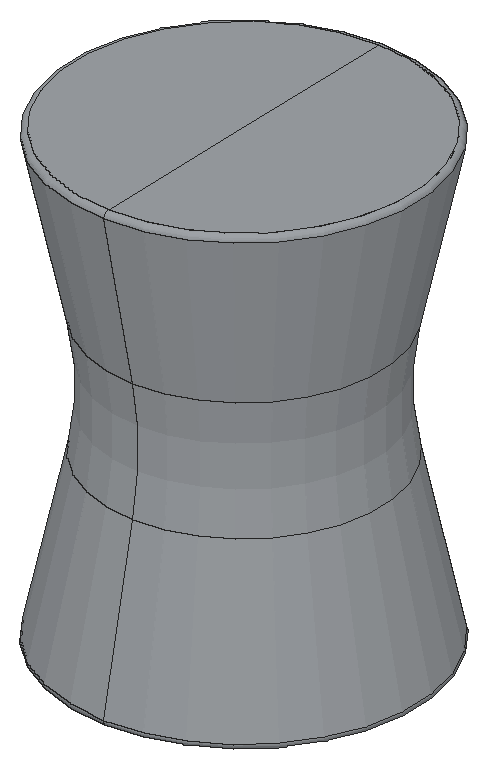
Revit family
Parameters
  URL = "http://www.martinbrattrud.com"
  Table Top [instance] = none
  Table [instance] = none
  SCS Certified Product = "Yes"
  Model = "Makayla 310-15CH"
  Manufacturer = "Martin Brattrud, Inc."
  Keynote = "125000"
  Foot [instance] = none
  Copyright = "© 2013 Martin Brattrud, Inc."
  Authoring Version = "Revit Architecture 2010"
  Assembly Code = "E2020200"
Reference planes (in)
  plane 1 "Center Front/Back": y = 0
  plane 2: z = 0
  plane 3 "Center Left/Right": x = 0
Forms (in)
  Revolve 1, solid, material <- "Foot"
    sketch origin (0, -6.74282, 48) x (0, -1, 0) y (0, 0, 1)
      loop
        line (-0.375, -48) -> (-0.375, -47.75) -> (-0.75, -47.75) -> (-0.75, -47.90625)
        arc (-0.75, -47.90625) -> (-0.72254, -47.97254) -> (-0.65625, -48) r 0.09375
        line (-0.65625, -48) -> (-0.375, -48)
      axis (-0.375, -48) -> (-0.375, -47.75)
    angle from 0 to 360
  Revolve 2, solid, material <- "Table"
    sketch origin (0, 0, 0) x (0, 1, 0) y (0, 0, 1)
      loop
        line (0, 19.75) -> (-7.5, 19.75) -> (-5.93612, 12.73672)
        arc (-5.93612, 12.73672) -> (-5.64846, 10.125) -> (-5.93612, 7.51328) r 12
        line (-5.93612, 7.51328) -> (-7.50484, 0.47831)
        arc (-7.50484, 0.47831) -> (-7.46813, 0.32023) -> (-7.32183, 0.25) r 0.1875
        line (-7.32183, 0.25) -> (0, 0.25) -> (0, 19.75)
      axis (0, 19.75) -> (0, 0.25)
    angle from 0 to 360
  Revolve 3, solid, material <- "Table"
    sketch origin (0, 0, 0) x (0, 1, 0) y (0, 0, 1)
      loop
        line (0, 19.75) -> (0, 20) -> (-7.25, 20)
        arc (-7.25, 20) -> (-7.42678, 19.92678) -> (-7.5, 19.75) r 0.25
        line (-7.5, 19.75) -> (0, 19.75)
      axis (0, 20) -> (0, 19.75)
    angle from 0 to 360
  Revolve 4, solid, material <- "Foot"
    sketch origin (0, 6.74282, 48) x (0, 1, 0) y (0, 0, -1)
      loop
        line (-0.375, 48) -> (-0.65625, 48)
        arc (-0.65625, 48) -> (-0.72254, 47.97254) -> (-0.75, 47.90625) r 0.09375
        line (-0.75, 47.90625) -> (-0.75, 47.75) -> (-0.375, 47.75) -> (-0.375, 48)
      axis (-0.375, 48) -> (-0.375, 47.75)
    angle from 0 to 360
  Revolve 5, solid, material <- "Foot"
    sketch origin (6.74282, 0, 48) x (1, 0, 0) y (0, 0, 1)
      loop
        line (-0.375, -48) -> (-0.375, -47.75) -> (-0.75, -47.75) -> (-0.75, -47.90625)
        arc (-0.75, -47.90625) -> (-0.72254, -47.97254) -> (-0.65625, -48) r 0.09375
        line (-0.65625, -48) -> (-0.375, -48)
      axis (-0.375, -48) -> (-0.375, -47.75)
    angle from 0 to 360
  Revolve 6, solid, material <- "Foot"
    sketch origin (-6.74282, 0, 48) x (-1, 0, 0) y (0, 0, -1)
      loop
        line (-0.375, 48) -> (-0.65625, 48)
        arc (-0.65625, 48) -> (-0.72254, 47.97254) -> (-0.75, 47.90625) r 0.09375
        line (-0.75, 47.90625) -> (-0.75, 47.75) -> (-0.375, 47.75) -> (-0.375, 48)
      axis (-0.375, 48) -> (-0.375, 47.75)
    angle from 0 to 360
Cuts and joins
  joined: Revolve 2, Revolve 3
